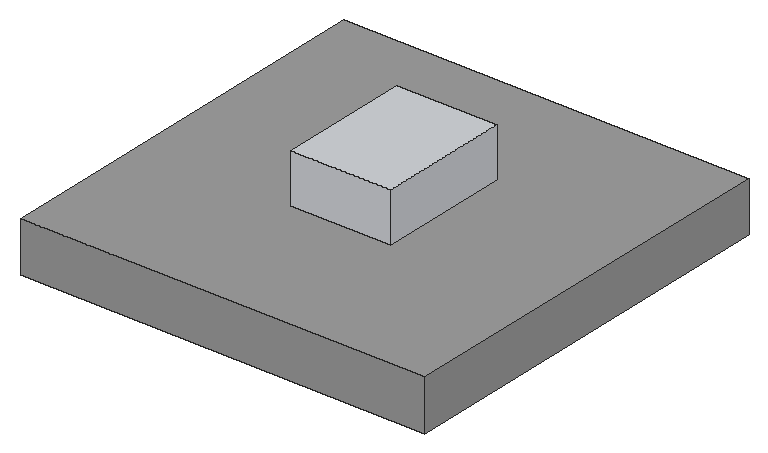
Revit family "Hager TPN DB IP65 Metal v2", category Electrical Equipment, host Face, Revit 2013
Parameters (values of type "TPN DB 125A 04 Way IP65 Metal")
  Supply Phase = "1,3"
  Packaging Weight = 2.00 kg
  Packaging Recyclable = yes
  Overall Width = 600 mm
  Warranty ID = "24 Months"
  Voltage = "415"
  Uimp Rating = 4000 V
  Ui Rating = 690 V
  URL = "www.hager.co.uk"
  built-in parameter 1140080 [instance] = "10kA Conditional"
  Revision = 2
  Product Weight = 33.10 kg
  Product Range = "Invicta 3 TPN DB Type B IP65 Metal"
  Product Literature = "www.hager.co.uk/?artnr=JK104BD"
  Product Description = "JK1 TPN B Board 4x 63A TP Ways DB IP65 Metal"
  Pollution Degree = 2
  Panel Name [instance] = "Invicta 3 TPN DB Type B 125A IP65 Metal"
  Outging Ways (TP) = Max #3 Pole Breakers  # 4
  Number of Poles = 3
  Neutral Rating = 100.00%
  built-in parameter 1140081 [instance] = "Surface Wall Mounted"
  Model = "JK104BD"
  Max #3 Pole Breakers = 4
  built-in parameter 1140079 [instance] = 12
  Manufacturer Website = "www.hager.co.uk"
  Manufacturer = "Hager UK Ltd"
  Mains Type = "3 phase"
  built-in parameter 1140082 [instance] = 125 (stored number, unit not read)
  built-in parameter 1140140 = 63 (stored number, unit not read)
  Location of Manufacturer = "Telford, TF1 7FT"
  Location = "Indoors"
  Keynote = ""
  Enclosure Rating = "IP65"
  Overall Length [instance] = 800 mm
  Hager Catalogue Ref = Model  # "JK104BD"
  Frequency = 50 Hz
  built-in parameter 1140083 [instance] = "Steel Epoxy Polyester Powdercoated"
  EAN = "5015652251484"
  Door Type = "Single Plain Door"
  Door = 0 mm
  built-in parameter 1140064 [instance] = (empty or 0)
  Description = Product Description  # "JK1 TPN B Board 4x 63A TP Ways DB IP65 Metal"
  Overall Height = 300 mm
  Default Elevation = 1200 mm
  Colour = "RAL7035 Light Grey"
  CE Approval = yes
  Busbar Rating = 125 A
  Reference Standard = "BS EN 61439-3"
Reference planes
  plane 1 "Center (Front/Back)": y = 470.263
  plane 2: z = 0
  plane 3 "Center (Left/Right)": x = 0
  plane 4: y = -329.737
  plane 5: x = -300
  plane 6: x = 300
  plane 7: z = 300
  plane 8: z = 300
  plane 9: z = -662
Forms (mm)
  Extrusion 1, solid, material "Default"
    sketch origin (0, 0, 0) x (1, 0, 0) y (0, 1, 0)
      loop
        line (-1219.2, 1219.2) -> (-1219.2, -1219.2) -> (1219.2, -1219.2) -> (1219.2, 1219.2) -> (-1219.2, 1219.2)
    from 0 to -304.8
  Extrusion 2, solid, detail levels fine
    sketch origin (0, 470.263, 0) x (1, 0, 0) y (0, 0, 1)
      loop
        line (300, 300) -> (-300, 300) -> (-300, 0) -> (300, 0) -> (300, 300)
    from 800 to 0
Dimensions and locks
  equal spacing: plane 5, plane 3 "Center (Left/Right)", plane 6
  "Overall Width": plane 5 to plane 6
  "Overall Length": plane 4 to plane 1 "Center (Front/Back)"
  "Overall Height": Extrusion 1 to plane 7
  "Door": plane 8 to plane 7
  locked: plane 7 to plane 9 at 962
  aligned and locked: plane 2 to Extrusion 1
  aligned and locked: level to Extrusion 1
  aligned and locked: Extrusion 2 sketch curve to plane 8
  aligned and locked: Extrusion 2 sketch curve to plane 5
  aligned and locked: Extrusion 2 sketch curve to level
  aligned and locked: plane 6 to Extrusion 2 sketch curve
  aligned and locked: Extrusion 2 to plane 4
  aligned and locked: Extrusion 2 to plane 1 "Center (Front/Back)"
  aligned and locked: plane 2 to nested 1
  aligned and locked: plane 5 to nested 1
  aligned and locked: plane 6 to nested 1
  aligned and locked: nested 1 to plane 7
Automatic sketch dimensions
  Extrusion 1 sketch curve to Extrusion 1 sketch curve = 2438.4 mm  (x2)
Nested families
  nested 1: "Distribution Board Annotation" at (-300, 470.263, 300) x (1, 0, 0) z (0, -1, 0), type "Distribution Board Annotation", detail levels coarse+medium
    with Width 300 mm, Length 600 mm
Connectors
  electrical at (0, -329.737, 150)
    settings: on Extrusion 2, index 1, voltage 0 V, apparent load 0 VA, apparent load phase1 0 VA, apparent load phase2 0 VA, apparent load phase3 0 VA, power factor 1, load classification "Other", number of poles 1, system type 31, power factor state 1, is connector primary yes, connector utility no, sub classification motor no, connector description ""
  cabletrayconduit at (0, -329.737, 150)
    settings: on Extrusion 2, index 2, connector width 300 mm, connector height 300 mm, connector radius 300 mm, connector angle 0.00°, system type 32, placement type 0, profile type 0, connector reference index -1, is primary connector yes, connector utility param no, connector description ""
  cabletrayconduit at (0, 470.263, 150)
    settings: on Extrusion 2, index 3, connector width 300 mm, connector height 300 mm, connector radius 300 mm, connector angle 0.00°, system type 32, placement type 0, profile type 0, connector reference index -1, is primary connector no, connector utility param no, connector description ""
Definition of nested family "Distribution Board Annotation"
  Parameters (values of type "Distribution Board Annotation")
    Width [instance] = 609.6 mm
    Length [instance] = 1219.2 mm
    Assembly Code = ""
  Reference planes
    plane 1 "Centre (Front/Back)": y = 0
    plane 2: z = 0
    plane 3 "Centre (Left/Right)": x = 0
    plane 4: y = -609.6
    plane 5: x = 1219.2
  Lines and regions (mm)
    Filled region 1, type "Solid Fill - Black", in view "Ref. Level"
      outline origin (0, 0, 0) x (1, 0, 0) y (0, 1, 0)
        loop
          line (0, 0) -> (1219.2, -609.6) -> (1219.2, 0) -> (0, 0)
    detail lines, in view "Ref. Level"
      curve 1: line (0, -609.6, 0) -> (1219.2, -609.6, 0)
      curve 2: line (1219.2, -609.6, 0) -> (1219.2, 0, 0)
      curve 3: line (0, -609.6, 0) -> (0, 0, 0)
      curve 4: line (0, 0, 0) -> (1219.2, 0, 0)
      curve 5: line (0, 0, 0) -> (1219.2, -609.6, 0)
  Dimensions and locks
    "Width": plane 4 to plane 1 "Centre (Front/Back)"
    "Length": plane 3 "Centre (Left/Right)" to plane 5
    aligned and locked: plane 3 "Centre (Left/Right)" to curve 1
    aligned and locked: curve 1 to plane 4
    aligned and locked: plane 5 to curve 2
    aligned and locked: plane 1 "Centre (Front/Back)" to curve 4
    aligned and locked: Filled region 1 sketch curve to curve 4
    aligned and locked: Filled region 1 sketch curve to curve 5
    aligned and locked: Filled region 1 sketch curve to curve 2
Types in the file's own list only (4): name | Product Weight | Product Literature | Product Description | Outging Ways (TP) | Model | Max #3 Pole Breakers | MCB Rating | Hager Catalogue Ref | EAN | Description
  TPN DB 125A 06 Way IP65 Metal | 33.10 kg | "www.hager.co.uk/?artnr=JK1046D" | "JK1 TPN B Board 6x 63A TP Ways DB IP65 Metal" | 6 | "JK106BD" | 6 | 63 A | "JK106BD" | "5015652251552" | "JK1 TPN B Board 6x 63A TP Ways DB IP65 Metal"
  TPN DB 125A 08 Way IP65 Metal | 34.00 kg | "www.hager.co.uk/?artnr=JK108BD" | "JK1 TPN B Board 8x 63A TP Ways DB IP65 Metal" | 8 | "JK108BD" | 8 | 63 A | "JK108BD" | "5015652251620" | "JK1 TPN B Board 8x 63A TP Ways DB IP65 Metal"
  TPN DB 125A 12 Way IP65 Metal | 40.00 kg | "www.hager.co.uk/?artnr=JK112BD" | "JK1 TPN B Board 12x 63A TP Ways DB IP65 Metal" | 12 | "JK112BD" | 12 | 63 A | "JK112BD" | "5015652251750" | "JK1 TPN B Board 12x 63A TP Ways DB IP65 Metal"
  TPN DB 125A 16 Way IP65 Metal | 33.10 kg | "www.hager.co.uk/?artnr=JK116BD" | "JK1 TPN B Board 16x 63A TP Ways DB IP65 Metal" | 16 | "JK116BD" | 16 | 63 A | "JK116BD" | "5015652251811" | "JK1 TPN B Board 16x 63A TP Ways DB IP65 Metal"
